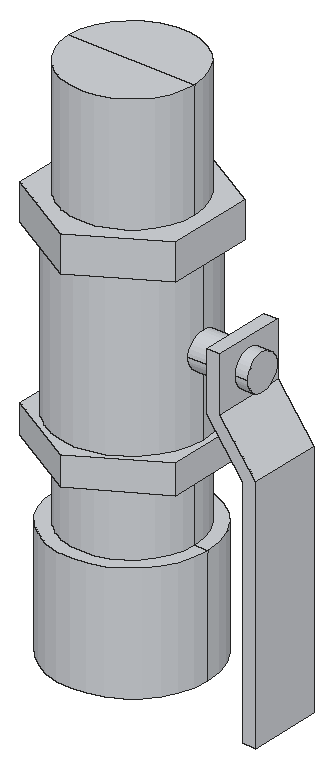
Revit family
Parameters (values of type "DWDRAIN1.5")
  Model = "DWDRAIN1.5"
  Manufacturer = "CaptiveAire"
  Description = "1\" DRAIN 16\" TO 24\" DUCT"
  DIM9 = 1 1/16"
  DIM8 = 1"
  DIM7 = 1 11/128"
  DIM6 = 7 91/256"
  DIM5 = 2 1/8"
  DIM4 = 1 5/8"
  DIM3 = 2 251/256"
  DIM2 = 2 37/64"
  DIM11 = 1 13/16"
  DIM10 = 7/8"
  DIM1 = 1 159/256"
  120 = 120.00°  # constant formula
Types (3): name | Model | Description | DIM9 | DIM8 | DIM7 | DIM6 | DIM3 | DIM2 | DIM11 | DIM10 | DIM1
  (no name) | "DWDRAIN1.5" | "1\" DRAIN 16\" TO 24\" DUCT" | 1 1/16" | 1" | 1 11/128" | 7 91/256" | 2 251/256" | 2 37/64" | 1 13/16" | 7/8" | 1 159/256"
  DWDRAIN1.0 | "DWDRAIN1.0" | "1\" DRAIN 8\" TO 14\" DUCT" | 13/16" | 3/4" | 103/128" | 6 95/256" | 2 215/256" | 2 79/256" | 1 9/16" | 5/8" | 1 79/256"
  DWDRAIN1.5 | "DWDRAIN1.5" | "1\" DRAIN 16\" TO 24\" DUCT" | 1 1/16" | 1" | 1 11/128" | 7 91/256" | 2 251/256" | 2 37/64" | 1 13/16" | 7/8" | 1 159/256"
Reference planes (in)
  plane 1 "Center (Front/Back)": y = 0
  plane 2: z = 0
  plane 3 "Center (Left/Right)": x = -6.88877
  plane 4: z = 1.62109
  plane 5: z = 2.57813
  plane 6: z = 2.98047
  plane 7: z = 5.23047
  plane 8: z = 5.73047
  plane 9: z = 7.35547
  plane 10: x = -5.80284
  plane 11: x = -5.88877
  plane 12: x = -5.82627
  plane 13: x = -6.01377
  plane 14: z = 4.10547
Forms (in)
  Revolve 1, solid
    sketch origin (0, 0, 0) x (1, 0, 0) y (0, 0, 1)
      loop
        line (-6.88877, 0) -> (-5.82627, 0) -> (-5.82627, 1.62109) -> (-6.01377, 1.62109) -> (-6.01377, 2.57813) -> (-6.88877, 2.57813) -> (-6.88877, 0)
      loop
        line (-6.88877, 2.98047) -> (-5.88877, 2.98047) -> (-5.88877, 5.23047) -> (-6.88877, 5.23047) -> (-6.88877, 2.98047)
      loop
        line (-6.88877, 7.35547) -> (-6.88877, 5.73047) -> (-6.01377, 5.73047) -> (-6.01377, 7.35547) -> (-6.88877, 7.35547)
      axis (-6.88877, 0) -> (-6.88877, 7.35547)
    angle from 0 to 360
  Extrusion 2, solid
    sketch origin (-10.91126, -180, 2.57813) x (-1, 0, 0) y (0, -1, 0)
      loop
        line (-5.10842, -180.5999) -> (-4.02248, -181.22687) -> (-2.95998, -180.61343) -> (-2.95998, -179.38657) -> (-4.02248, -178.77313) -> (-5.10842, -179.4001) -> (-5.10842, -180.5999)
    from 0 to 0.40234
  Extrusion 3, solid
    sketch origin (-10.91126, -180, 5.23047) x (-1, 0, 0) y (0, -1, 0)
      loop
        line (-5.10842, -180.5999) -> (-4.02248, -181.22687) -> (-2.95998, -180.61343) -> (-2.95998, -179.38657) -> (-4.02248, -178.77313) -> (-5.10842, -179.4001) -> (-5.10842, -180.5999)
    from 0 to 0.5
  Extrusion 4, solid
    sketch origin (-6.88877, 0, 0) x (0, 1, 0) y (0, 0, 1)
      loop
        circle (0, 4.10547) r 0.25
    from 0 to 1.8125 <- "DIM11"
  Sweep 5, solid
    path origin (0, 0, 0) x (1, 0, 0) y (0, 0, 1)
      loop
        line (-5.26377, 4.48047) -> (-5.26377, 3.73047) -> (-4.76377, 3.0625) -> (-4.76377, -0.25)
    profile origin (-5.26377, 0, 4.10547) x (0, -1, 0) y (1, 0, 0)
      loop
        line (-0.5, -0.1875) -> (0.5, -0.1875) -> (0.5, 0) -> (-0.5, 0) -> (-0.5, -0.1875)
Lines and regions (in)
  reference lines
    curve 1: circle (-6.88877, 0, 2.57813) r 1.0625 normal (0, 0, 1)
Dimensions and locks (in)
  "DIM1": plane 4 to level
  "DIM2": plane 5 to level
  "DIM3": plane 6 to level
  "DIM6": plane 9 to level
  "DIM4": plane 9 to plane 8
  "DIM5": plane 9 to plane 7
  "DIM7": plane 10 to plane 3 "Center (Left/Right)"
  "DIM8": plane 11 to plane 3 "Center (Left/Right)"
  "DIM9": plane 12 to plane 3 "Center (Left/Right)"
  "DIM10": plane 13 to plane 3 "Center (Left/Right)"
  "DIM9": Extrusion 2 sketch curve to plane 3 "Center (Left/Right)"  (x5)
  equal spacing: plane 7, plane 14, plane 6
  plane 11 to Sweep 5 sketch curve = 5/8"
  locked: Sweep 5 sketch curve to plane 11 at 1.125
  locked: Sweep 5 sketch curve to plane 14 at 0.375
  locked: plane 14 to Sweep 5 sketch curve at 0.375
  locked: plane 14 to Sweep 5 sketch curve at 1.04297
  locked: level to Sweep 5 sketch curve at 0.25
  locked: Sweep 5 sketch curve to Sweep 5 sketch curve at 0.1875
  locked: plane 1 "Center (Front/Back)" to Sweep 5 sketch curve at 0.5
  locked: Sweep 5 sketch curve to plane 1 "Center (Front/Back)" at 0.5
  "DIM9": radius of curve 1
  radius of Extrusion 4 sketch curve = 1/4"
  "120": angle Extrusion 2 sketch curve to Extrusion 2 sketch curve  (x3)
  aligned and locked: plane 3 "Center (Left/Right)" to Revolve 1 sketch curve  (x2)
  aligned and locked: Revolve 1 sketch curve to plane 9
  aligned and locked: Revolve 1 sketch curve to plane 13
  aligned and locked: plane 8 to Revolve 1 sketch curve
  aligned and locked: plane 7 to Revolve 1 sketch curve
  aligned and locked: Revolve 1 sketch curve to plane 3 "Center (Left/Right)"  (x2)
  aligned and locked: plane 11 to Revolve 1 sketch curve
  aligned and locked: Revolve 1 sketch curve to plane 6
  aligned and locked: plane 5 to Revolve 1 sketch curve
  aligned and locked: Revolve 1 sketch curve to level
  aligned and locked: plane 12 to Revolve 1 sketch curve
  aligned and locked: plane 4 to Revolve 1 sketch curve
  aligned and locked: plane 13 to Revolve 1 sketch curve
  aligned and locked: plane 6 to Extrusion 2
  aligned and locked: plane 10 to Extrusion 2 sketch curve
  aligned and locked: Extrusion 2 to Extrusion 3 sketch curve  (x2)
  aligned and locked: Extrusion 3 sketch curve to Extrusion 2  (x4)
  aligned and locked: plane 8 to Extrusion 3
Automatic sketch dimensions
  Revolve 1 sketch curve to Revolve 1 sketch curve = 1.36569"
  Revolve 1 sketch curve to Revolve 1 sketch curve = 3/4"
  plane 1 "Center (Front/Back)" to curve 1 = 0"
  curve 1 to plane 3 "Center (Left/Right)" = 0"
  Extrusion 2 sketch curve to plane 3 "Center (Left/Right)" = 0"
  Extrusion 4 sketch curve to plane 1 "Center (Front/Back)" = 0"
  Extrusion 4 sketch curve to plane 14 = 0"
  Sweep 5 sketch curve to profile plane = 0"
